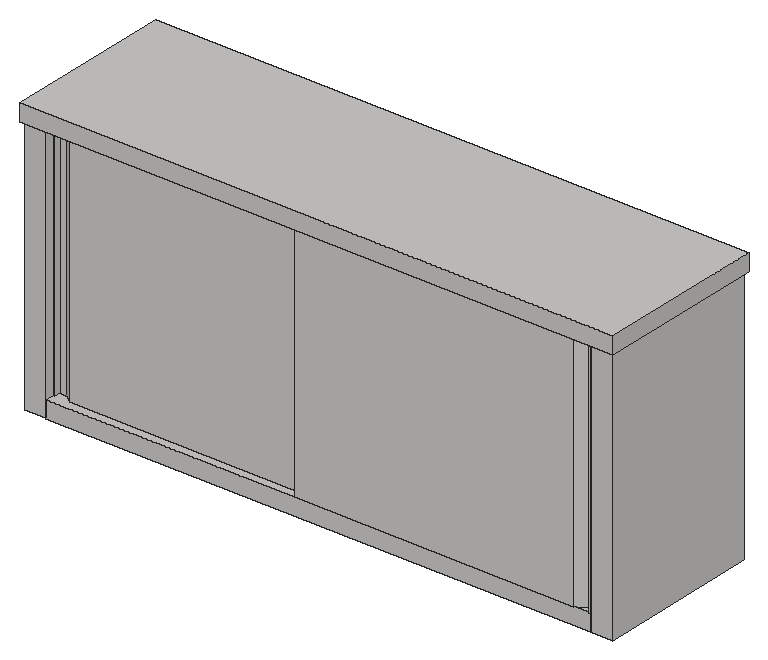
Revit family "QF_ELECTROLUXPROFESSIONAL_132832_PS1400LCN", category Attrezzature speciali, Revit 2020
Family settings
  Quota connettore circolare = Usa diametro
  Tipo di parte = Normale
  Basato su piano di lavoro = No
  Sempre verticale = Sì
  Taglio con vuoti quando caricato = No
  Condiviso = No
  Punto di calcolo locali = No
Parameters (values of type "Standard")
  Weight = 31.00 kg
  Watts = 0 W
  Volts = 0 V
  URL Manufacturer = "https://www.electroluxprofessional.com/"
  URL = "https://www.electroluxprofessional.com/"
  Steam Supply Size = 0 mm
  Steam Supply Minimum Pressure = 0.0 Pa
  Steam Supply Maximum Pressure = 0.0 Pa
  Steam Consumption per Hour = 0
  Refrigeration Suction Line Size = 0.0 mm
  Refrigeration Liquid Line Size = 0.0 mm
  Refrigerant Compressor Remote = yes
  Prospetto di default = 0.0 mm
  Produttore = "Electrolux Professional"
  Phase = 0
  Modello = "PS1400LCN"
  Length Actual = 1400.0 mm  # constant formula
  Item Number = "132832"
  Hot Water Size = 0 mm
  Height Actual = 650.0 mm  # constant formula
  HP = "0 HP"
  Gas Size = 0 mm
  Gas KW = 0
  Gas Input Pressure = 0 W
  Direct Waste Size = 0 mm
  Descrizione = "WALL CUPBOARD W/2 SLIDING DOORS 1400 MM"
  Depth Actual = 400.0 mm  # constant formula
  Cycle = 0 Hz
  Condensate Return Size = 0 mm
  Compressed Air Volume = 0.0 L/s
  Compressed Air Size = 0 mm
  Compressed Air Pressure = 0.0 Pa
  Cold Water Size = 0 mm
  Accessory = yes
Reference planes
  plane 1 "Center (Front/Back)": y = 0
  plane 2: z = 0
  plane 3 "Center (Left/Right)": x = -200
  plane 4 "LEFT": x = -900
  plane 5 "RIGHT": x = 500
  plane 6 "BACK": y = 200
  plane 7 "FRONT": y = -200
  plane 8 "Base": z = 2160
  plane 9 "TOP": z = 2200
  plane 10 "BodyLeft": x = -894.5
  plane 11 "BodyFront": y = -194.5
  plane 12 "BodyRight": x = 494.5
  plane 13 "BodyBack": y = 194.5
  plane 14 "FEET": z = 1550
  plane 15: x = -144.5
  plane 16: x = -255.5
Forms (mm)
  Extrusion 1, solid, material "QF_Finishes_Stainless Steel"
    sketch origin (-200, 0, 0) x (0, 1, 0) y (0, 0, 1)
      loop
        line (-200, 2160) -> (200, 2160) -> (200, 2200) -> (-200, 2200) -> (-200, 2160)
    from 700 to -700
  Extrusion 2, solid, material "QF_Finishes_Stainless Steel"
    sketch origin (0, 0, 1550) x (-1, 0, 0) y (0, -1, 0)
      loop
        line (894.5, -194.5) -> (894.5, 194.5) -> (844.5, 194.5) -> (844.5, -194.5) -> (894.5, -194.5)
      loop
        line (-444.5, -194.5) -> (-444.5, 194.5) -> (-494.5, 194.5) -> (-494.5, -194.5) -> (-444.5, -194.5)
    from 0 to 610
  Extrusion 3, solid, material "QF_Finishes_Stainless Steel"
    sketch origin (0, 0, 1550) x (-1, 0, 0) y (0, -1, 0)
      loop
        line (843.585, -194.5) -> (843.585, 194.5) -> (-444.5, 194.5) -> (-444.5, -194.5) -> (843.585, -194.5)
    from 0 to 40
  Extrusion 4, solid, material "QF_Finishes_Stainless Steel"
    sketch origin (0, 0, 1550) x (-1, 0, 0) y (0, -1, 0)
      loop
        line (843.585, -194.5) -> (843.585, -144.5) -> (-444.5, -144.5) -> (-444.5, -194.5) -> (843.585, -194.5)
    from 40 to 610
  Extrusion 5, solid, material "QF_Finishes_Stainless Steel"
    sketch origin (0, 0, 1550) x (-1, 0, 0) y (0, -1, 0)
      loop
        line (-444.5, 194.5) -> (-444.5, 174.5) -> (255.5, 174.5) -> (255.5, 194.5) -> (-404.5, 194.5) -> (-424.5, 179.5) -> (-439.5, 179.5) -> (-439.5, 194.5) -> (-444.5, 194.5)
    from 40 to 610
  Extrusion 6, solid, material "QF_Finishes_Stainless Steel"
    sketch origin (0, 20, 1550) x (1, 0, 0) y (0, 1, 0)
      loop
        line (-844.5, -194.5) -> (-839.5, -194.5) -> (-839.5, -179.5) -> (-824.5, -179.5) -> (-804.5, -194.5) -> (-144.5, -194.5) -> (-144.5, -174.5) -> (-844.5, -174.5) -> (-844.5, -194.5)
    from 40 to 610
Lines and regions (mm)
  symbolic lines
    curve 1: line (500, 200, 2200) -> (-900, 200, 2200)
    curve 2: line (-900, 200, 2200) -> (-900, -200, 2200)
    curve 3: line (-900, -200, 2200) -> (500, -200, 2200)
    curve 4: line (500, -200, 2200) -> (500, 200, 2200)
    curve 5: line (-900, -200, 1550) -> (500, 200, 1550)
  symbolic lines, style "SpecialityEquipmentHiddenLines"
    curve 6: line (-894.5, 194.5, 1550) -> (494.5, 194.5, 1550)
    curve 7: line (-894.5, -194.5, 1550) -> (-894.5, 194.5, 1550)
    curve 8: line (494.5, -194.5, 1550) -> (-894.5, -194.5, 1550)
    curve 9: line (494.5, 194.5, 1550) -> (494.5, -194.5, 1550)
    curve 10: line (-844.5, -154.5, 1550) -> (-144.5, -154.5, 1550)
    curve 11: line (-844.5, -174.5, 1550) -> (-844.5, -154.5, 1550)
    curve 12: line (444.5, -174.5, 1550) -> (-844.5, -174.5, 1550)
    curve 13: line (-144.5, -154.5, 1550) -> (-144.5, -174.5, 1550)
    curve 14: line (-255.5, -174.5, 1550) -> (-255.5, -194.5, 1550)
    curve 15: line (444.5, -174.5, 1550) -> (444.5, -194.5, 1550)
Dimensions and locks
  plane 4 "LEFT" to plane 5 "RIGHT" = 1400.0 mm
  equal spacing: plane 4 "LEFT", plane 3 "Center (Left/Right)", plane 5 "RIGHT"
  locked: plane 8 "Base" to level at 2160
  locked: plane 9 "TOP" to level at 2200
  plane 6 "BACK" to plane 7 "FRONT" = 400.0 mm
  equal spacing: plane 6 "BACK", plane 1 "Center (Front/Back)", plane 7 "FRONT"
  locked: plane 4 "LEFT" to plane 10 "BodyLeft" at 5.5
  locked: plane 12 "BodyRight" to plane 5 "RIGHT" at 5.5
  locked: plane 11 "BodyFront" to plane 7 "FRONT" at 5.5
  locked: plane 6 "BACK" to plane 13 "BodyBack" at 5.5
  locked: plane 10 "BodyLeft" to Extrusion 2 sketch curve at 50
  locked: Extrusion 2 sketch curve to Extrusion 2 sketch curve at 50
  Extrusion 3 to Extrusion 4 sketch curve = 50.0 mm
  Extrusion 2 to plane 15 = 700.0 mm
  plane 16 to Extrusion 2 = 700.0 mm
  plane 9 "TOP" to plane 14 "FEET" = 650.0 mm
  locked: plane 8 "Base" to Extrusion 3 at 570
  aligned and locked: level to plane 2
  aligned and locked: Extrusion 1 to plane 4 "LEFT"
  aligned and locked: plane 5 "RIGHT" to Extrusion 1
  aligned and locked: curve 2 to plane 4 "LEFT"
  aligned and locked: plane 13 "BodyBack" to Extrusion 2 sketch curve
  aligned and locked: Extrusion 2 sketch curve to plane 11 "BodyFront"
  aligned and locked: Extrusion 2 sketch curve to plane 10 "BodyLeft"
  aligned and locked: plane 12 "BodyRight" to Extrusion 2 sketch curve
  aligned and locked: Extrusion 2 sketch curve to plane 13 "BodyBack"
  aligned and locked: plane 11 "BodyFront" to Extrusion 2 sketch curve
  aligned and locked: Extrusion 3 sketch curve to plane 13 "BodyBack"
  aligned and locked: plane 11 "BodyFront" to Extrusion 3 sketch curve
  aligned and locked: plane 8 "Base" to Extrusion 2
  aligned and locked: Extrusion 4 sketch curve to Extrusion 3
  aligned and locked: plane 8 "Base" to Extrusion 5
  aligned and locked: Extrusion 5 to Extrusion 3
  aligned and locked: Extrusion 6 sketch curve to plane 15
  aligned and locked: Extrusion 5 sketch curve to plane 16
  aligned and locked: Extrusion 1 to plane 8 "Base"
  aligned and locked: plane 9 "TOP" to Extrusion 1
  aligned and locked: curve 6 to plane 13 "BodyBack"
  aligned and locked: plane 11 "BodyFront" to curve 8
  aligned and locked: plane 12 "BodyRight" to curve 9
  aligned and locked: plane 10 "BodyLeft" to curve 7
Automatic sketch dimensions
  curve 3 to plane 7 "FRONT" = 0.0 mm
  curve 4 to plane 6 "BACK" = 0.0 mm
  Extrusion 1 sketch curve to plane 7 "FRONT" = 0.0 mm
  plane 9 "TOP" to Extrusion 1 sketch curve = 0.0 mm
  Extrusion 1 sketch curve to plane 6 "BACK" = 0.0 mm
  Extrusion 1 sketch curve to plane 8 "Base" = 0.0 mm
  Extrusion 5 sketch curve to plane 11 "BodyFront" = 0.0 mm  (x2)
  Extrusion 5 sketch curve to Extrusion 5 sketch curve = 5.0 mm
  Extrusion 5 sketch curve to Extrusion 5 sketch curve = 15.0 mm
  Extrusion 5 sketch curve to Extrusion 5 sketch curve = 20.0 mm
  plane 11 "BodyFront" to Extrusion 5 sketch curve = 15.0 mm
  plane 11 "BodyFront" to Extrusion 5 sketch curve = 20.0 mm
  Extrusion 6 sketch curve to plane 11 "BodyFront" = 20.0 mm  (x2)
  Extrusion 6 sketch curve to Extrusion 6 sketch curve = 5.0 mm
  Extrusion 6 sketch curve to Extrusion 6 sketch curve = 15.0 mm
  Extrusion 6 sketch curve to Extrusion 6 sketch curve = 20.0 mm  (x2)
  Extrusion 6 sketch curve to plane 11 "BodyFront" = 35.0 mm
  plane 10 "BodyLeft" to Extrusion 3 sketch curve = 50.915 mm
  plane 10 "BodyLeft" to Extrusion 4 sketch curve = 50.915 mm
  Extrusion 6 sketch curve to plane 10 "BodyLeft" = 90.0 mm
  plane 12 "BodyRight" to Extrusion 3 sketch curve = 50.0 mm
  plane 12 "BodyRight" to Extrusion 4 sketch curve = 50.0 mm
  plane 12 "BodyRight" to Extrusion 5 sketch curve = 90.0 mm
  curve 4 to plane 5 "RIGHT" = 0.0 mm
  curve 5 to plane 5 "RIGHT" = 0.0 mm
  curve 13 to plane 15 = 0.0 mm
  curve 14 to plane 16 = 0.0 mm
  curve 5 to plane 4 "LEFT" = 0.0 mm
  curve 5 to plane 6 "BACK" = 0.0 mm
  curve 5 to plane 7 "FRONT" = 0.0 mm
  plane 10 "BodyLeft" to curve 11 = 50.0 mm
  plane 11 "BodyFront" to curve 13 = 40.0 mm
  plane 11 "BodyFront" to curve 12 = 20.0 mm
  plane 12 "BodyRight" to curve 15 = 50.0 mm
